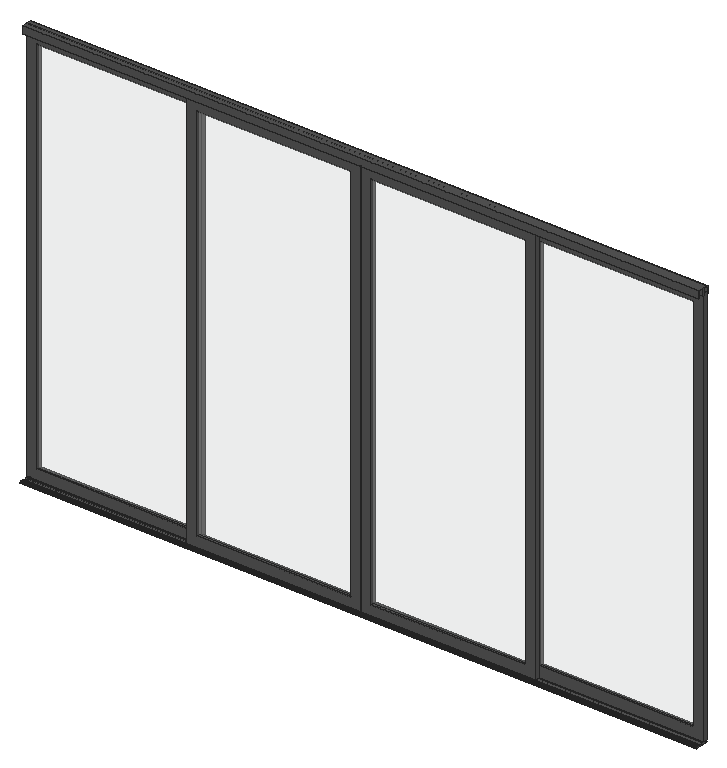
Revit family "Door_FTS RD_The Sliding Door Company_4-Panel Double Track (ABBA-Recessed Upper)", category Doors, host Wall, Revit 2019
Family settings
  Host = Wall
  OmniClass Number = 23.30.10.00
  OmniClass Title = Doors
  Always vertical = Yes
  Cut with Voids When Loaded = No
  Shared = No
  Room Calculation Point = No
Parameters (values of type "FTS Room Divider - 4 Panel 2 Track - ABBA")
  Upper Track Material [instance] = TSDC - Casing/Upper Track - Powder Coated Black
  URL = "https://www.slidingdoorco.com"
  Thickness = 1 1/4"  # constant formula
  Stile and Rail = 3"
  Rough Width = Finished Opening Width + 5/8" * 2  # 204 1/4"
  Rough Height = Finished Opening Height + 5/8"  # 120 1/2"
  Panel Width 3" Frame = Width / 4 + 1 1/2"  # 52"
  Panel Width 1 1/2" Frame = Width / 4 + 3/4"  # 51 1/4"
  Panel Height = Height - 2 1/4"  # 119 3/4"
  Order Height = Finished Opening Height + 2 1/8"  # 122"
  Opening Clearance 3" Frame = Width - [Panel Width 3" Frame] * 2  # 98"
  Opening Clearance 1 1/2" Frame = Width - [Panel Width 1 1/2" Frame] * 2  # 99 1/2"
  Open [instance] = no
  Model = "FTS Room Divider - Full Height System"  # constant formula
  Manufacturer = "The Sliding Door Company"  # constant formula
  Limitations = "Panel Width x System Height cannot exceed 7,400 square inches"  # constant formula
  Glass Thickness = "Available in: 5mm Tempered, 7mm,10mm,11mm Laminated Glass"  # constant formula
  Glass Material [instance] = TSDC - Glass - Clear
  Function = Interior
  Height = if(Order Height > 122", 122", Order Height)  # 122"
  Wall Closure = By host
  Width = if(Finished Opening Width > 202", 202", Finished Opening Width)  # 202"
  Fire Rating = "N/A"  # constant formula
  Finished Opening Width = 203"
  Finished Opening Height = 119 7/8"
  Door Casing Material [instance] = TSDC - Casing/Upper Track - Powder Coated Black
  Description = "4 Panel Bi-part System with Double Track (Recessed Upper)"  # constant formula
  Contact The Sliding Door Company = "https://www.slidingdoorco.com/contact"
  Construction Type = "Bi-part, Top Mounted, Recessed Upper, Ramped Bottom Track"  # constant formula
  Configuration = "ABBA Configuration"  # constant formula
  Closed [instance] = not(Open)  # yes
  Bottom Track Material [instance] = TSDC - Bottom Track - Powder Coated Black
  Analytic Construction = "<None>"
  3" Frame (No Support Dividers) = "Max. H=122 in., Max. W=202 in. (52 in. panel width)"  # constant formula
  1 1/2" Frame (No Support Dividers) = "Max. H=108 in., Max. W=190 in. (50 in. panel width)"  # constant formula
Reference planes (in)
  plane 1 "Center (Front/Back)": y = 0
  plane 2 "Center (Left/Right)": x = 0
  plane 3 "Top": z = 122
  plane 4 "Exterior": y = 3
  plane 5 "Interior": y = -3
  plane 6: x = -101
  plane 7: x = 101
  plane 8: z = 0.625
  plane 9 "2": z = 120.375
  plane 10 "Top": z = 96
  plane 11 "2": z = 94.375
  plane 12 "3": z = 95.25
  plane 13 "Top": z = 96
  plane 14 "2": z = 94.375
  plane 15 "3": z = 95.25
  plane 16 "Top": z = 80
  plane 17: x = -50
  plane 18: x = 50
  plane 19 "2": z = 78.375
  plane 20 "3": z = 79.25
  plane 21: x = -50.5
  plane 22: x = 50.5
  plane 23: x = -36.75
  plane 24: x = -38.25
  plane 25: x = 38.25
  plane 26: x = 36
  plane 27: z = 119.875
Forms (in)
  Extrusion 1, solid, material "TSDC - Casing/Upper Track - Powder Coated Black" <- "Upper Track Material"
    sketch origin (0, -0.1543, 0) x (0, 1, 0) y (0, 0, 1)
      loop
        line (1.74219, 122) -> (-1.43359, 122) -> (-1.43359, 119.875) -> (-1.375, 119.875) -> (-1.375, 121.94141) -> (0.125, 121.94141) -> (0.125, 119.875) -> (0.18359, 119.875) -> (0.18359, 121.94141) -> (1.68359, 121.94141) -> (1.68359, 119.875) -> (1.74219, 119.875) -> (1.74219, 122)
    from -101 to 101
  Extrusion 2, solid, material "TSDC - Casing/Upper Track - Powder Coated Black", not visible
    sketch origin (0, 0.8784, 0.00198) x (0, 1, 0) y (0, 0, 1)
      loop
        line (1.17662, -0.00198) -> (1.7466, -0.00198) -> (1.7466, 0.11422) -> (1.63872, 0.16601) -> (1.5898, 0.16) -> (1.58595, 0.19134) -> (1.49638, 0.23434) -> (1.44746, 0.22833) -> (1.44362, 0.25967) -> (1.35493, 0.30224) -> (1.30601, 0.29623) -> (1.30216, 0.32757) -> (1.21825, 0.36785)
        arc (1.21825, 0.36785) -> (1.19583, 0.37043) -> (1.17662, 0.35859) r 0.03449
        line (1.17662, 0.35859) -> (1.17662, 0.26961) -> (1.14379, 0.26961) -> (1.14379, 0.30227) -> (1.11271, 0.30227) -> (1.11271, 0.05752) -> (1.14379, 0.05752) -> (1.14379, 0.08934) -> (1.17662, 0.08934) -> (1.17662, -0.00198)
      loop
        line (1.6966, 0.05) -> (1.6966, 0.08276) -> (1.2346, 0.30454) -> (1.2346, 0.05) -> (1.6966, 0.05)
    from -50 to 50
  Extrusion 3, solid, material "TSDC - Casing/Upper Track - Powder Coated Black", not visible
    sketch origin (0, 0.8784, 0.00198) x (0, 1, 0) y (0, 0, 1)
      loop
        arc (1.17662, 0.34104) -> (1.17081, 0.35508) -> (1.15677, 0.36093) r 0.01985
        line (1.15677, 0.36093) -> (1.07541, 0.36093)
        arc (1.07541, 0.36093) -> (1.06136, 0.3551) -> (1.05556, 0.34103) r 0.01985
        line (1.05556, 0.34103) -> (1.05556, 0.20299) -> (0.9831, 0.20299) -> (0.9831, 0.28602)
        arc (0.9831, 0.28602) -> (0.87384, 0.39506) -> (0.76472, 0.28588) r 0.10919
        line (0.76472, 0.28588) -> (0.82428, 0.28588)
        arc (0.82428, 0.28588) -> (0.87397, 0.3355) -> (0.92354, 0.28575) r 0.04963
        line (0.92354, 0.28575) -> (0.92354, 0.14753) -> (1.05556, 0.10767) -> (1.05556, 0.05757) -> (0.38753, 0.05757) -> (0.38753, 0.36093) -> (-0.56932, 0.36093) -> (-0.56932, 0.20299) -> (-0.64178, 0.20299) -> (-0.64178, 0.28602)
        arc (-0.64178, 0.28602) -> (-0.75104, 0.39506) -> (-0.86016, 0.28588) r 0.10919
        line (-0.86016, 0.28588) -> (-0.8006, 0.28588)
        arc (-0.8006, 0.28588) -> (-0.75091, 0.3355) -> (-0.70134, 0.28575) r 0.04963
        line (-0.70134, 0.28575) -> (-0.70134, 0.14753) -> (-0.56932, 0.10767) -> (-0.56932, 0.05757) -> (-1.23735, 0.05757) -> (-1.23735, 0.36093) -> (-2.19421, 0.36093) -> (-2.19421, 0.20299) -> (-2.26667, 0.20299) -> (-2.26667, 0.28602)
        arc (-2.26667, 0.28602) -> (-2.37592, 0.39506) -> (-2.48504, 0.28588) r 0.10919
        line (-2.48504, 0.28588) -> (-2.42548, 0.28588)
        arc (-2.42548, 0.28588) -> (-2.37579, 0.3355) -> (-2.32622, 0.28575) r 0.04963
        line (-2.32622, 0.28575) -> (-2.32622, 0.14753) -> (-2.19421, 0.10767) -> (-2.19421, 0.05757) -> (-2.86223, 0.05757) -> (-2.86223, 0.34103)
        arc (-2.86223, 0.34103) -> (-2.86803, 0.3551) -> (-2.88208, 0.36093) r 0.01985
        line (-2.88208, 0.36093) -> (-2.96344, 0.36093)
        arc (-2.96344, 0.36093) -> (-2.97751, 0.35509) -> (-2.9833, 0.341) r 0.01985
        line (-2.9833, 0.341) -> (-2.9833, 0.26961) -> (-2.95059, 0.26961) -> (-2.95059, 0.30227) -> (-2.91939, 0.30227) -> (-2.91939, 0.05752) -> (-2.95046, 0.05752) -> (-2.95046, 0.08934) -> (-2.9833, 0.08934) -> (-2.9833, -0.00198) -> (-2.13705, -0.00198) -> (-2.10598, 0.05752) -> (-2.13705, 0.05752) -> (-2.13705, 0.30227) -> (-1.29451, 0.30227) -> (-1.29451, 0.05752) -> (-1.32558, 0.05752) -> (-1.29451, -0.00198) -> (-0.51217, -0.00198) -> (-0.4811, 0.05752) -> (-0.51217, 0.05752) -> (-0.51217, 0.30227) -> (0.33038, 0.30227) -> (0.33038, 0.05752) -> (0.2993, 0.05752) -> (0.33038, -0.00198) -> (1.17662, -0.00198) -> (1.17662, 0.08934) -> (1.14379, 0.08934) -> (1.14379, 0.05752) -> (1.11271, 0.05752) -> (1.11271, 0.30227) -> (1.14379, 0.30227) -> (1.14379, 0.26961) -> (1.17662, 0.26961) -> (1.17662, 0.34104)
    from -50 to 50
  Extrusion 4, solid, material "TSDC - Casing/Upper Track - Powder Coated Black", not visible
    sketch origin (0, -0.92827, 0.00198) x (0, -1, 0) y (0, 0, -1)
      loop
        line (1.17662, 0.00198) -> (1.17662, -0.08934) -> (1.14379, -0.08934) -> (1.14379, -0.05752) -> (1.11271, -0.05752) -> (1.11271, -0.30227) -> (1.14379, -0.30227) -> (1.14379, -0.26961) -> (1.17662, -0.26961) -> (1.17662, -0.35859)
        arc (1.17662, -0.35859) -> (1.19583, -0.37043) -> (1.21825, -0.36785) r 0.03449
        line (1.21825, -0.36785) -> (1.30216, -0.32757) -> (1.30601, -0.29623) -> (1.35493, -0.30224) -> (1.44362, -0.25967) -> (1.44746, -0.22833) -> (1.49638, -0.23434) -> (1.58595, -0.19134) -> (1.5898, -0.16) -> (1.63872, -0.16601) -> (1.7466, -0.11422) -> (1.7466, 0.00198) -> (1.17662, 0.00198)
      loop
        line (1.6966, -0.05) -> (1.2346, -0.05) -> (1.2346, -0.30454) -> (1.6966, -0.08276) -> (1.6966, -0.05)
    from -50 to 50
  Extrusion 5, solid, material "TSDC - Casing/Upper Track - Powder Coated Black", not visible
    sketch origin (0, 1.25781, 0) x (0, 1, 0) y (0, 0, 1)
      loop
        line (1.74219, 96) -> (-2.99219, 96) -> (-2.99219, 93.875) -> (-2.93359, 93.875) -> (-2.93359, 95.94141) -> (-1.43359, 95.94141) -> (-1.43359, 93.875) -> (-1.375, 93.875) -> (-1.375, 95.94141) -> (0.125, 95.94141) -> (0.125, 93.875) -> (0.18359, 93.875) -> (0.18359, 95.94141) -> (1.68359, 95.94141) -> (1.68359, 93.875) -> (1.74219, 93.875) -> (1.74219, 96)
    from -50 to 50
  Extrusion 6, solid, material "TSDC - Casing/Upper Track - Powder Coated Black", visible <- "Open", not visible
    sketch origin (-18.0008, 2.81641, 0) x (1, 0, 0) y (0, 0, 1)
      loop
        line (2.33413, 94.375) -> (-31.9992, 94.375) -> (-31.9992, 0.625) -> (2.33413, 0.625) -> (2.33413, 94.375)
      loop
        line (0.83413, 92.875) -> (-30.4992, 92.875) -> (-30.4992, 2.125) -> (0.83413, 2.125) -> (0.83413, 92.875)
    from 0 to 1.25
  Extrusion 7, solid, material "TSDC - Glass - Clear", visible <- "Open", not visible
    sketch origin (-18.0008, 2.31641, 0) x (1, 0, 0) y (0, 0, 1)
      loop
        line (0.83413, 92.875) -> (-30.4992, 92.875) -> (-30.4992, 2.125) -> (0.83413, 2.125) -> (0.83413, 92.875)
    from 0 to 0.25
  Extrusion 8, solid, material "TSDC - Casing/Upper Track - Powder Coated Black", visible <- "Open", not visible
    sketch origin (-44.66746, 1.25781, 0) x (1, 0, 0) y (0, 0, 1)
      loop
        line (29.0008, 94.375) -> (-5.33254, 94.375) -> (-5.33254, 0.625) -> (29.0008, 0.625) -> (29.0008, 94.375)
      loop
        line (27.5008, 92.875) -> (-3.83254, 92.875) -> (-3.83254, 2.125) -> (27.5008, 2.125) -> (27.5008, 92.875)
    from 0 to 1.25
  Extrusion 9, solid, material "TSDC - Glass - Clear", visible <- "Open", not visible
    sketch origin (-44.66746, 0.75781, 0) x (1, 0, 0) y (0, 0, 1)
      loop
        line (27.5008, 92.875) -> (-3.83254, 92.875) -> (-3.83254, 2.125) -> (27.5008, 2.125) -> (27.5008, 92.875)
    from 0 to 0.25
  Extrusion 10, solid, material "TSDC - Casing/Upper Track - Powder Coated Black", visible <- "Open", not visible
    sketch origin (-71.33413, -0.30078, 0) x (1, 0, 0) y (0, 0, 1)
      loop
        line (55.66746, 94.375) -> (21.33413, 94.375) -> (21.33413, 0.625) -> (55.66746, 0.625) -> (55.66746, 94.375)
      loop
        line (54.16746, 92.875) -> (22.83413, 92.875) -> (22.83413, 2.125) -> (54.16746, 2.125) -> (54.16746, 92.875)
    from 0 to 1.25
  Extrusion 11, solid, material "TSDC - Glass - Clear", visible <- "Open", not visible
    sketch origin (-71.33413, -0.80078, 0) x (1, 0, 0) y (0, 0, 1)
      loop
        line (54.16746, 92.875) -> (22.83413, 92.875) -> (22.83413, 2.125) -> (54.16746, 2.125) -> (54.16746, 92.875)
    from 0 to 0.25
  Extrusion 12, solid, material "TSDC - Casing/Upper Track - Powder Coated Black", visible <- "Closed", not visible
    sketch origin (-11.83413, 1.25781, 0) x (1, 0, 0) y (0, 0, 1)
      loop
        line (29.0008, 94.375) -> (-5.33254, 94.375) -> (-5.33254, 0.625) -> (29.0008, 0.625) -> (29.0008, 94.375)
      loop
        line (27.5008, 92.875) -> (-3.83254, 92.875) -> (-3.83254, 2.125) -> (27.5008, 2.125) -> (27.5008, 92.875)
    from 0 to 1.25
  Extrusion 13, solid, material "TSDC - Glass - Clear", visible <- "Closed", not visible
    sketch origin (-11.83413, 0.75781, 0) x (1, 0, 0) y (0, 0, 1)
      loop
        line (27.5008, 92.875) -> (-3.83254, 92.875) -> (-3.83254, 2.125) -> (27.5008, 2.125) -> (27.5008, 92.875)
    from 0 to 0.25
  Extrusion 14, solid, material "TSDC - Casing/Upper Track - Powder Coated Black", visible <- "Closed", not visible
    sketch origin (47.66587, 2.81641, 0) x (1, 0, 0) y (0, 0, 1)
      loop
        line (2.33413, 94.375) -> (-31.9992, 94.375) -> (-31.9992, 0.625) -> (2.33413, 0.625) -> (2.33413, 94.375)
      loop
        line (0.83413, 92.875) -> (-30.4992, 92.875) -> (-30.4992, 2.125) -> (0.83413, 2.125) -> (0.83413, 92.875)
    from 0 to 1.25
  Extrusion 15, solid, material "TSDC - Glass - Clear", visible <- "Closed", not visible
    sketch origin (47.66587, 2.31641, 0) x (1, 0, 0) y (0, 0, 1)
      loop
        line (0.83413, 92.875) -> (-30.4992, 92.875) -> (-30.4992, 2.125) -> (0.83413, 2.125) -> (0.83413, 92.875)
    from 0 to 0.25
  Extrusion 16, solid, material "TSDC - Casing/Upper Track - Powder Coated Black", visible <- "Closed", not visible
    sketch origin (-71.33413, -0.30078, 0) x (1, 0, 0) y (0, 0, 1)
      loop
        line (55.66746, 94.375) -> (21.33413, 94.375) -> (21.33413, 0.625) -> (55.66746, 0.625) -> (55.66746, 94.375)
      loop
        line (54.16746, 92.875) -> (22.83413, 92.875) -> (22.83413, 2.125) -> (54.16746, 2.125) -> (54.16746, 92.875)
    from 0 to 1.25
  Extrusion 17, solid, material "TSDC - Glass - Clear", visible <- "Closed", not visible
    sketch origin (-71.33413, -0.80078, 0) x (1, 0, 0) y (0, 0, 1)
      loop
        line (54.16746, 92.875) -> (22.83413, 92.875) -> (22.83413, 2.125) -> (54.16746, 2.125) -> (54.16746, 92.875)
    from 0 to 0.25
  Extrusion 18, solid, material "TSDC - Casing/Upper Track - Powder Coated Black", not visible
    sketch origin (0, 1.25781, 0) x (0, 1, 0) y (0, 0, 1)
      loop
        line (1.74219, 96) -> (-2.99219, 96) -> (-2.99219, 93.875) -> (-2.93359, 93.875) -> (-2.93359, 95.94141) -> (-1.43359, 95.94141) -> (-1.43359, 93.875) -> (-1.375, 93.875) -> (-1.375, 95.94141) -> (0.125, 95.94141) -> (0.125, 93.875) -> (0.18359, 93.875) -> (0.18359, 95.94141) -> (1.68359, 95.94141) -> (1.68359, 93.875) -> (1.74219, 93.875) -> (1.74219, 96)
    from -50 to 50
  Extrusion 19, solid, material "TSDC - Casing/Upper Track - Powder Coated Black", not visible
    sketch origin (0, 1.25781, 0) x (0, 1, 0) y (0, 0, 1)
      loop
        line (1.74219, 96) -> (-2.99219, 96) -> (-2.99219, 93.875) -> (-2.93359, 93.875) -> (-2.93359, 95.94141) -> (-1.43359, 95.94141) -> (-1.43359, 93.875) -> (-1.375, 93.875) -> (-1.375, 95.94141) -> (0.125, 95.94141) -> (0.125, 93.875) -> (0.18359, 93.875) -> (0.18359, 95.94141) -> (1.68359, 95.94141) -> (1.68359, 93.875) -> (1.74219, 93.875) -> (1.74219, 96)
    from -50 to 50
  Extrusion 20, solid, material "TSDC - Casing/Upper Track - Powder Coated Black", not visible
    sketch origin (0, 1.25781, 0) x (0, 1, 0) y (0, 0, 1)
      loop
        line (1.74219, 96) -> (-2.99219, 96) -> (-2.99219, 93.875) -> (-2.93359, 93.875) -> (-2.93359, 95.94141) -> (-1.43359, 95.94141) -> (-1.43359, 93.875) -> (-1.375, 93.875) -> (-1.375, 95.94141) -> (0.125, 95.94141) -> (0.125, 93.875) -> (0.18359, 93.875) -> (0.18359, 95.94141) -> (1.68359, 95.94141) -> (1.68359, 93.875) -> (1.74219, 93.875) -> (1.74219, 96)
    from -50 to 50
  Extrusion 21, solid, material "TSDC - Casing/Upper Track - Powder Coated Black", not visible
    sketch origin (0, 0.8784, 0.00198) x (0, 1, 0) y (0, 0, 1)
      loop
        line (1.17662, -0.00198) -> (1.7466, -0.00198) -> (1.7466, 0.11422) -> (1.63872, 0.16601) -> (1.5898, 0.16) -> (1.58595, 0.19134) -> (1.49638, 0.23434) -> (1.44746, 0.22833) -> (1.44362, 0.25967) -> (1.35493, 0.30224) -> (1.30601, 0.29623) -> (1.30216, 0.32757) -> (1.21825, 0.36785)
        arc (1.21825, 0.36785) -> (1.19583, 0.37043) -> (1.17662, 0.35859) r 0.03449
        line (1.17662, 0.35859) -> (1.17662, 0.26961) -> (1.14379, 0.26961) -> (1.14379, 0.30227) -> (1.11271, 0.30227) -> (1.11271, 0.05752) -> (1.14379, 0.05752) -> (1.14379, 0.08934) -> (1.17662, 0.08934) -> (1.17662, -0.00198)
      loop
        line (1.6966, 0.05) -> (1.6966, 0.08276) -> (1.2346, 0.30454) -> (1.2346, 0.05) -> (1.6966, 0.05)
    from -50 to 50
  Extrusion 22, solid, material "TSDC - Casing/Upper Track - Powder Coated Black", not visible
    sketch origin (0, 0.8784, 0.00198) x (0, 1, 0) y (0, 0, 1)
      loop
        arc (1.17662, 0.34104) -> (1.17081, 0.35508) -> (1.15677, 0.36093) r 0.01985
        line (1.15677, 0.36093) -> (1.07541, 0.36093)
        arc (1.07541, 0.36093) -> (1.06136, 0.3551) -> (1.05556, 0.34103) r 0.01985
        line (1.05556, 0.34103) -> (1.05556, 0.20299) -> (0.9831, 0.20299) -> (0.9831, 0.28602)
        arc (0.9831, 0.28602) -> (0.87384, 0.39506) -> (0.76472, 0.28588) r 0.10919
        line (0.76472, 0.28588) -> (0.82428, 0.28588)
        arc (0.82428, 0.28588) -> (0.87397, 0.3355) -> (0.92354, 0.28575) r 0.04963
        line (0.92354, 0.28575) -> (0.92354, 0.14753) -> (1.05556, 0.10767) -> (1.05556, 0.05757) -> (0.38753, 0.05757) -> (0.38753, 0.36093) -> (-0.56932, 0.36093) -> (-0.56932, 0.20299) -> (-0.64178, 0.20299) -> (-0.64178, 0.28602)
        arc (-0.64178, 0.28602) -> (-0.75104, 0.39506) -> (-0.86016, 0.28588) r 0.10919
        line (-0.86016, 0.28588) -> (-0.8006, 0.28588)
        arc (-0.8006, 0.28588) -> (-0.75091, 0.3355) -> (-0.70134, 0.28575) r 0.04963
        line (-0.70134, 0.28575) -> (-0.70134, 0.14753) -> (-0.56932, 0.10767) -> (-0.56932, 0.05757) -> (-1.23735, 0.05757) -> (-1.23735, 0.36093) -> (-2.19421, 0.36093) -> (-2.19421, 0.20299) -> (-2.26667, 0.20299) -> (-2.26667, 0.28602)
        arc (-2.26667, 0.28602) -> (-2.37592, 0.39506) -> (-2.48504, 0.28588) r 0.10919
        line (-2.48504, 0.28588) -> (-2.42548, 0.28588)
        arc (-2.42548, 0.28588) -> (-2.37579, 0.3355) -> (-2.32622, 0.28575) r 0.04963
        line (-2.32622, 0.28575) -> (-2.32622, 0.14753) -> (-2.19421, 0.10767) -> (-2.19421, 0.05757) -> (-2.86223, 0.05757) -> (-2.86223, 0.34103)
        arc (-2.86223, 0.34103) -> (-2.86803, 0.3551) -> (-2.88208, 0.36093) r 0.01985
        line (-2.88208, 0.36093) -> (-2.96344, 0.36093)
        arc (-2.96344, 0.36093) -> (-2.97751, 0.35509) -> (-2.9833, 0.341) r 0.01985
        line (-2.9833, 0.341) -> (-2.9833, 0.26961) -> (-2.95059, 0.26961) -> (-2.95059, 0.30227) -> (-2.91939, 0.30227) -> (-2.91939, 0.05752) -> (-2.95046, 0.05752) -> (-2.95046, 0.08934) -> (-2.9833, 0.08934) -> (-2.9833, -0.00198) -> (-2.13705, -0.00198) -> (-2.10598, 0.05752) -> (-2.13705, 0.05752) -> (-2.13705, 0.30227) -> (-1.29451, 0.30227) -> (-1.29451, 0.05752) -> (-1.32558, 0.05752) -> (-1.29451, -0.00198) -> (-0.51217, -0.00198) -> (-0.4811, 0.05752) -> (-0.51217, 0.05752) -> (-0.51217, 0.30227) -> (0.33038, 0.30227) -> (0.33038, 0.05752) -> (0.2993, 0.05752) -> (0.33038, -0.00198) -> (1.17662, -0.00198) -> (1.17662, 0.08934) -> (1.14379, 0.08934) -> (1.14379, 0.05752) -> (1.11271, 0.05752) -> (1.11271, 0.30227) -> (1.14379, 0.30227) -> (1.14379, 0.26961) -> (1.17662, 0.26961) -> (1.17662, 0.34104)
    from -50 to 50
  Extrusion 23, solid, material "TSDC - Casing/Upper Track - Powder Coated Black", not visible
    sketch origin (0, -0.92827, 0.00198) x (0, -1, 0) y (0, 0, -1)
      loop
        line (1.17662, 0.00198) -> (1.17662, -0.08934) -> (1.14379, -0.08934) -> (1.14379, -0.05752) -> (1.11271, -0.05752) -> (1.11271, -0.30227) -> (1.14379, -0.30227) -> (1.14379, -0.26961) -> (1.17662, -0.26961) -> (1.17662, -0.35859)
        arc (1.17662, -0.35859) -> (1.19583, -0.37043) -> (1.21825, -0.36785) r 0.03449
        line (1.21825, -0.36785) -> (1.30216, -0.32757) -> (1.30601, -0.29623) -> (1.35493, -0.30224) -> (1.44362, -0.25967) -> (1.44746, -0.22833) -> (1.49638, -0.23434) -> (1.58595, -0.19134) -> (1.5898, -0.16) -> (1.63872, -0.16601) -> (1.7466, -0.11422) -> (1.7466, 0.00198) -> (1.17662, 0.00198)
      loop
        line (1.6966, -0.05) -> (1.2346, -0.05) -> (1.2346, -0.30454) -> (1.6966, -0.08276) -> (1.6966, -0.05)
    from -50 to 50
  Extrusion 24, solid, material "TSDC - Casing/Upper Track - Powder Coated Black", not visible
    sketch origin (0, 1.25781, -16) x (0, 1, 0) y (0, 0, 1)
      loop
        line (1.74219, 96) -> (-2.99219, 96) -> (-2.99219, 93.875) -> (-2.93359, 93.875) -> (-2.93359, 95.94141) -> (-1.43359, 95.94141) -> (-1.43359, 93.875) -> (-1.375, 93.875) -> (-1.375, 95.94141) -> (0.125, 95.94141) -> (0.125, 93.875) -> (0.18359, 93.875) -> (0.18359, 95.94141) -> (1.68359, 95.94141) -> (1.68359, 93.875) -> (1.74219, 93.875) -> (1.74219, 96)
    from -50 to 50
  Extrusion 25, solid, material "TSDC - Casing/Upper Track - Powder Coated Black" <- "Door Casing Material", visible <- "Closed"
    sketch origin (-47.66587, -0.1543, 0) x (-1, 0, 0) y (0, 0, -1)
      loop
        line (4.33413, -120.375) -> (4.33413, -0.625) -> (-47.66587, -0.625) -> (-47.66587, -120.375) -> (4.33413, -120.375)
      loop
        line (1.33413, -117.375) -> (1.33413, -3.625) -> (-44.66587, -3.625) -> (-44.66587, -117.375) -> (1.33413, -117.375)
    from 0 to 1.25
  Extrusion 26, solid, material "TSDC - Glass - Clear" <- "Glass Material", visible <- "Closed"
    sketch origin (-47.66587, -0.6543, 0) x (-1, 0, 0) y (0, 0, -1)
      loop
        line (1.33413, -117.375) -> (1.33413, -3.625) -> (-44.66587, -3.625) -> (-44.66587, -117.375) -> (1.33413, -117.375)
    from 0 to 0.25
  Extrusion 27, solid, material "TSDC - Casing/Upper Track - Powder Coated Black" <- "Door Casing Material", visible <- "Closed"
    sketch origin (-83.66587, 1.4043, 0) x (-1, 0, 0) y (0, 0, -1)
      loop
        line (17.33413, -120.375) -> (17.33413, -0.625) -> (-34.66587, -0.625) -> (-34.66587, -120.375) -> (17.33413, -120.375)
      loop
        line (14.33413, -117.375) -> (14.33413, -3.625) -> (-31.66587, -3.625) -> (-31.66587, -117.375) -> (14.33413, -117.375)
    from 0 to 1.25
  Extrusion 28, solid, material "TSDC - Glass - Clear" <- "Glass Material", visible <- "Closed"
    sketch origin (-83.66587, 0.9043, 0) x (-1, 0, 0) y (0, 0, -1)
      loop
        line (14.33413, -117.375) -> (14.33413, -3.625) -> (-31.66587, -3.625) -> (-31.66587, -117.375) -> (14.33413, -117.375)
    from 0 to 0.25
  Extrusion 29, solid, material "TSDC - Casing/Upper Track - Powder Coated Black" <- "Door Casing Material", visible <- "Closed"
    sketch origin (47.66587, -0.1543, 0) x (1, 0, 0) y (0, 0, 1)
      loop
        line (4.33413, 120.375) -> (-47.66587, 120.375) -> (-47.66587, 0.625) -> (4.33413, 0.625) -> (4.33413, 120.375)
      loop
        line (1.33413, 117.375) -> (-44.66587, 117.375) -> (-44.66587, 3.625) -> (1.33413, 3.625) -> (1.33413, 117.375)
    from 0 to 1.25
  Extrusion 30, solid, material "TSDC - Glass - Clear" <- "Glass Material", visible <- "Closed"
    sketch origin (47.66587, -0.6543, 0) x (1, 0, 0) y (0, 0, 1)
      loop
        line (1.33413, 117.375) -> (-44.66587, 117.375) -> (-44.66587, 3.625) -> (1.33413, 3.625) -> (1.33413, 117.375)
    from 0 to 0.25
  Extrusion 31, solid, material "TSDC - Casing/Upper Track - Powder Coated Black" <- "Door Casing Material", visible <- "Closed"
    sketch origin (83.66587, 1.4043, 0) x (1, 0, 0) y (0, 0, 1)
      loop
        line (17.33413, 120.375) -> (-34.66587, 120.375) -> (-34.66587, 0.625) -> (17.33413, 0.625) -> (17.33413, 120.375)
      loop
        line (14.33413, 117.375) -> (-31.66587, 117.375) -> (-31.66587, 3.625) -> (14.33413, 3.625) -> (14.33413, 117.375)
    from 0 to 1.25
  Extrusion 32, solid, material "TSDC - Glass - Clear" <- "Glass Material", visible <- "Closed"
    sketch origin (83.66587, 0.9043, 0) x (1, 0, 0) y (0, 0, 1)
      loop
        line (14.33413, 117.375) -> (-31.66587, 117.375) -> (-31.66587, 3.625) -> (14.33413, 3.625) -> (14.33413, 117.375)
    from 0 to 0.25
  Extrusion 33, solid, material "TSDC - Casing/Upper Track - Powder Coated Black" <- "Door Casing Material", visible <- "Open"
    sketch origin (-83.66587, 1.4043, 0) x (-1, 0, 0) y (0, 0, -1)
      loop
        line (17.33413, -120.375) -> (17.33413, -0.625) -> (-34.66587, -0.625) -> (-34.66587, -120.375) -> (17.33413, -120.375)
      loop
        line (14.33413, -117.375) -> (14.33413, -3.625) -> (-31.66587, -3.625) -> (-31.66587, -117.375) -> (14.33413, -117.375)
    from 0 to 1.25
  Extrusion 34, solid, material "TSDC - Glass - Clear" <- "Glass Material", visible <- "Open"
    sketch origin (-83.66587, 0.9043, 0) x (-1, 0, 0) y (0, 0, -1)
      loop
        line (14.33413, -117.375) -> (14.33413, -3.625) -> (-31.66587, -3.625) -> (-31.66587, -117.375) -> (14.33413, -117.375)
    from 0 to 0.25
  Extrusion 35, solid, material "TSDC - Casing/Upper Track - Powder Coated Black" <- "Door Casing Material", visible <- "Open"
    sketch origin (-83.66587, -0.1543, 0) x (-1, 0, 0) y (0, 0, -1)
      loop
        line (17.33413, -120.375) -> (17.33413, -0.625) -> (-34.66587, -0.625) -> (-34.66587, -120.375) -> (17.33413, -120.375)
      loop
        line (14.33413, -117.375) -> (14.33413, -3.625) -> (-31.66587, -3.625) -> (-31.66587, -117.375) -> (14.33413, -117.375)
    from 0 to 1.25
  Extrusion 36, solid, material "TSDC - Glass - Clear" <- "Glass Material", visible <- "Open"
    sketch origin (-83.66587, -0.6543, 0) x (-1, 0, 0) y (0, 0, -1)
      loop
        line (14.33413, -117.375) -> (14.33413, -3.625) -> (-31.66587, -3.625) -> (-31.66587, -117.375) -> (14.33413, -117.375)
    from 0 to 0.25
  Extrusion 37, solid, material "TSDC - Casing/Upper Track - Powder Coated Black" <- "Door Casing Material", visible <- "Open"
    sketch origin (83.66587, -0.1543, 0) x (1, 0, 0) y (0, 0, 1)
      loop
        line (17.33413, 120.375) -> (-34.66587, 120.375) -> (-34.66587, 0.625) -> (17.33413, 0.625) -> (17.33413, 120.375)
      loop
        line (14.33413, 117.375) -> (-31.66587, 117.375) -> (-31.66587, 3.625) -> (14.33413, 3.625) -> (14.33413, 117.375)
    from 0 to 1.25
  Extrusion 38, solid, material "TSDC - Glass - Clear" <- "Glass Material", visible <- "Open"
    sketch origin (83.66587, -0.6543, 0) x (1, 0, 0) y (0, 0, 1)
      loop
        line (14.33413, 117.375) -> (-31.66587, 117.375) -> (-31.66587, 3.625) -> (14.33413, 3.625) -> (14.33413, 117.375)
    from 0 to 0.25
  Extrusion 39, solid, material "TSDC - Casing/Upper Track - Powder Coated Black" <- "Door Casing Material", visible <- "Open"
    sketch origin (83.66587, 1.4043, 0) x (1, 0, 0) y (0, 0, 1)
      loop
        line (17.33413, 120.375) -> (-34.66587, 120.375) -> (-34.66587, 0.625) -> (17.33413, 0.625) -> (17.33413, 120.375)
      loop
        line (14.33413, 117.375) -> (-31.66587, 117.375) -> (-31.66587, 3.625) -> (14.33413, 3.625) -> (14.33413, 117.375)
    from 0 to 1.25
  Extrusion 40, solid, material "TSDC - Glass - Clear" <- "Glass Material", visible <- "Open"
    sketch origin (83.66587, 0.9043, 0) x (1, 0, 0) y (0, 0, 1)
      loop
        line (14.33413, 117.375) -> (-31.66587, 117.375) -> (-31.66587, 3.625) -> (14.33413, 3.625) -> (14.33413, 117.375)
    from 0 to 0.25
  Extrusion 41, solid, material "TSDC - Bottom Track - Powder Coated Black" <- "Bottom Track Material"
    sketch origin (0, 2.46629, 0.00198) x (0, 1, 0) y (0, 0, 1)
      loop
        line (-1.82338, 0.26961) -> (-1.82338, 0.34104)
        arc (-1.82338, 0.34104) -> (-1.82919, 0.35508) -> (-1.84323, 0.36089) r 0.01985
        line (-1.84323, 0.36089) -> (-1.92459, 0.36093)
        arc (-1.92459, 0.36093) -> (-1.93864, 0.3551) -> (-1.94444, 0.34103) r 0.01985
        line (-1.94444, 0.34103) -> (-1.94444, 0.20299) -> (-2.0169, 0.20299) -> (-2.0169, 0.28602)
        arc (-2.0169, 0.28602) -> (-2.12616, 0.39506) -> (-2.23528, 0.28588) r 0.10919
        line (-2.23528, 0.28588) -> (-2.17572, 0.28588)
        arc (-2.17572, 0.28588) -> (-2.12603, 0.3355) -> (-2.07646, 0.28575) r 0.04963
        line (-2.07646, 0.28575) -> (-2.07646, 0.14753) -> (-1.94444, 0.10767) -> (-1.94444, 0.05757) -> (-2.61247, 0.05757) -> (-2.61247, 0.36093) -> (-3.56932, 0.36093) -> (-3.56932, 0.20299) -> (-3.64178, 0.20299) -> (-3.64178, 0.28602)
        arc (-3.64178, 0.28602) -> (-3.75104, 0.39506) -> (-3.86016, 0.28588) r 0.10919
        line (-3.86016, 0.28588) -> (-3.8006, 0.28588)
        arc (-3.8006, 0.28588) -> (-3.75091, 0.3355) -> (-3.70134, 0.28575) r 0.04963
        line (-3.70134, 0.28575) -> (-3.70134, 0.14753) -> (-3.56932, 0.10767) -> (-3.56932, 0.05757) -> (-4.23735, 0.05757) -> (-4.23735, 0.34103)
        arc (-4.23735, 0.34103) -> (-4.24315, 0.3551) -> (-4.2572, 0.36093) r 0.01985
        line (-4.2572, 0.36093) -> (-4.33856, 0.36093)
        arc (-4.33856, 0.36093) -> (-4.35263, 0.35509) -> (-4.35841, 0.341) r 0.01985
        line (-4.35841, 0.341) -> (-4.35841, 0.26961) -> (-4.32571, 0.26961) -> (-4.32571, 0.30227) -> (-4.29451, 0.30227) -> (-4.29451, 0.05752) -> (-4.32558, 0.05752) -> (-4.32558, 0.08934) -> (-4.35841, 0.08934) -> (-4.35841, -0.00198) -> (-3.51217, -0.00198) -> (-3.4811, 0.05752) -> (-3.51217, 0.05752) -> (-3.51217, 0.30227) -> (-2.66962, 0.30227) -> (-2.66962, 0.05752) -> (-2.7007, 0.05752) -> (-2.66962, -0.00198) -> (-1.82338, -0.00198) -> (-1.82338, 0.08934) -> (-1.85621, 0.08934) -> (-1.85621, 0.05752) -> (-1.88729, 0.05752) -> (-1.88729, 0.30227) -> (-1.85621, 0.30227) -> (-1.85621, 0.26961) -> (-1.82338, 0.26961)
    from -101 to 101
  Extrusion 42, solid, material "TSDC - Bottom Track - Powder Coated Black" <- "Bottom Track Material"
    sketch origin (0, -0.7155, 0.00198) x (0, -1, 0) y (0, 0, -1)
      loop
        line (1.11271, -0.05752) -> (1.11271, -0.30227) -> (1.14379, -0.30227) -> (1.14379, -0.26961) -> (1.17662, -0.26961) -> (1.17662, -0.35859)
        arc (1.17662, -0.35859) -> (1.19583, -0.37043) -> (1.21825, -0.36785) r 0.03449
        line (1.21825, -0.36785) -> (1.30216, -0.32757) -> (1.30601, -0.29623) -> (1.35493, -0.30224) -> (1.44362, -0.25967) -> (1.44746, -0.22833) -> (1.49638, -0.23434) -> (1.58595, -0.19134) -> (1.5898, -0.16) -> (1.63872, -0.16601) -> (1.7466, -0.11422) -> (1.7466, 0.00198) -> (1.17662, 0.00198) -> (1.17662, -0.08934) -> (1.14379, -0.08934) -> (1.14379, -0.05752) -> (1.11271, -0.05752)
      loop
        line (1.2346, -0.30454) -> (1.6966, -0.08276) -> (1.6966, -0.05) -> (1.2346, -0.05) -> (1.2346, -0.30454)
    from -101 to 101
  Extrusion 43, solid, material "TSDC - Bottom Track - Powder Coated Black" <- "Bottom Track Material"
    sketch origin (0, -0.53371, 0.00198) x (0, 1, 0) y (0, 0, 1)
      loop
        line (1.11271, 0.05752) -> (1.14379, 0.05752) -> (1.14379, 0.08934) -> (1.17662, 0.08934) -> (1.17662, -0.00198) -> (1.7466, -0.00198) -> (1.7466, 0.11422) -> (1.63872, 0.16601) -> (1.5898, 0.16) -> (1.58595, 0.19134) -> (1.49638, 0.23434) -> (1.44746, 0.22833) -> (1.44362, 0.25967) -> (1.35493, 0.30224) -> (1.30601, 0.29623) -> (1.30216, 0.32757) -> (1.21825, 0.36785)
        arc (1.21825, 0.36785) -> (1.19583, 0.37043) -> (1.17662, 0.35859) r 0.03449
        line (1.17662, 0.35859) -> (1.17662, 0.26961) -> (1.14379, 0.26961) -> (1.14379, 0.30227) -> (1.11271, 0.30227) -> (1.11271, 0.05752)
      loop
        line (1.2346, 0.30454) -> (1.2346, 0.05) -> (1.6966, 0.05) -> (1.6966, 0.08276) -> (1.2346, 0.30454)
    from -101 to 101
Lines and regions (in)
  Opening 1
    outline origin (-60, -3, 0) x (1, 0, 0) y (0, 0, 1)
      loop
        line (161, 0) -> (161, 119.875) -> (-41, 119.875) -> (-41, 0) -> (161, 0)
Text (in)
  text "Exterior" at (-165.54235, 27.31104, 0), in view "Ref. Level"
  text "Interior" at (-165.54235, -25.14366, 0), in view "Ref. Level"
  text "Exterior" at (0, 40.15149, 123.01588), in view "Right"
  text "Interior" at (0, -64.39139, 123.01588), in view "Right"
  text "Interior" at (0, -31.01599, 123.00693), in view "Left"
  text "Exterior" at (0, 54.57065, 123.00693), in view "Left"
Dimensions and locks (in)
  locked: plane 9 "2" to plane 3 "Top" at 1.625
  "Height": level to plane 3 "Top"
  "Width": plane 6 to plane 7
  "Stile and Rail": Extrusion 25 to Extrusion 25  (x5)
  equal spacing: plane 6, plane 21, plane 2 "Center (Left/Right)", plane 22, plane 7
  "Stile and Rail": Extrusion 27 to Extrusion 27  (x4)
  equal spacing: Extrusion 27, plane 21, Extrusion 27
  equal spacing: Extrusion 25, plane 21, Extrusion 25
  plane 6 to Extrusion 27 = 52"
  Extrusion 25 to Extrusion 25 = 52"
  "Stile and Rail": Extrusion 29 to Extrusion 29  (x5)
  "Stile and Rail": Extrusion 31 to Extrusion 31  (x4)
  plane 2 "Center (Left/Right)" to Extrusion 29 = 52"
  Extrusion 31 to Extrusion 31 = 52"
  equal spacing: Extrusion 31, plane 22, Extrusion 31
  equal spacing: Extrusion 29, plane 22, Extrusion 29
  "Stile and Rail": Extrusion 33 to Extrusion 33  (x4)
  "Stile and Rail": Extrusion 35 to Extrusion 35  (x4)
  "Stile and Rail": Extrusion 37 to Extrusion 37  (x5)
  "Stile and Rail": Extrusion 39 to Extrusion 39  (x2)
  Extrusion 1 to Extrusion 1 to Extrusion 1 to host wall to Extrusion 1 to Extrusion 1 to Extrusion 1 = 15/256" locked, 1 1/2" locked, 0.0293" locked, 0.0293" locked, 1 1/2" locked, 15/256" locked
  Extrusion 43 to Extrusion 43 to host wall to Extrusion 42 to Extrusion 42 = 0.56997" locked, 0.64292" locked, 1.89212" locked, 0.56997" locked
  locked: plane 27 to plane 3 "Top" at 2.125
  aligned and locked: plane 4 "Exterior" to host wall
  aligned and locked: host wall to plane 5 "Interior"
  aligned and locked: Extrusion 1 to plane 6
  aligned and locked: plane 7 to Extrusion 1
  aligned and locked: Opening 1 sketch curve to Extrusion 1
  aligned and locked: Extrusion 25 to Extrusion 26  (x4)
  aligned and locked: Extrusion 27 to Extrusion 28  (x4)
  aligned and locked: Extrusion 30 to Extrusion 29  (x4)
  aligned and locked: Extrusion 32 to Extrusion 31  (x4)
  aligned and locked: Extrusion 33 to Extrusion 34  (x4)
  aligned and locked: Extrusion 25 to Extrusion 33
  aligned and locked: Extrusion 35 to Extrusion 36  (x4)
  aligned and locked: Extrusion 35 to Extrusion 25
  aligned and locked: Extrusion 38 to Extrusion 37  (x4)
  aligned and locked: Extrusion 37 to Extrusion 29
  aligned and locked: Extrusion 40 to Extrusion 39  (x4)
  aligned and locked: Extrusion 39 to Extrusion 37
  aligned and locked: host wall to Extrusion 41  (x2)
  aligned and locked: Extrusion 41 to plane 6
  aligned and locked: Extrusion 41 sketch curve to Extrusion 43
  aligned and locked: Extrusion 41 sketch curve to Extrusion 42
  aligned and locked: plane 27 to Opening 1 sketch curve
Automatic sketch dimensions
  Extrusion 2 sketch curve to Extrusion 2 sketch curve = 0.03107"  (x2)
  Extrusion 2 sketch curve to Extrusion 2 sketch curve = 0.03284"  (x2)
  Extrusion 2 sketch curve to Extrusion 2 sketch curve = 0.0267"
  Extrusion 2 sketch curve to Extrusion 2 sketch curve = 0.01493"
  Extrusion 2 sketch curve to Extrusion 2 sketch curve = 0.05797"
  Extrusion 2 sketch curve to Extrusion 2 sketch curve = 0.06757"
  Extrusion 2 sketch curve to Extrusion 2 sketch curve = 0.00385"  (x3)
  Extrusion 2 sketch curve to Extrusion 2 sketch curve = 0.04892"  (x3)
  Extrusion 2 sketch curve to Extrusion 2 sketch curve = 0.08869"
  Extrusion 2 sketch curve to Extrusion 2 sketch curve = 0.08957"
  Extrusion 2 sketch curve to Extrusion 2 sketch curve = 0.05788"
  Extrusion 2 sketch curve to Extrusion 2 sketch curve = 0.05"
  Extrusion 2 sketch curve to Extrusion 2 sketch curve = 0.03276"
  Extrusion 2 sketch curve to Extrusion 2 sketch curve = 0.03182"
  Extrusion 2 sketch curve to Extrusion 2 sketch curve = 0.03146"
  Extrusion 2 sketch curve to Extrusion 2 sketch curve = 0.00601"  (x3)
  Extrusion 2 sketch curve to Extrusion 2 sketch curve = 0.09824"
  Extrusion 2 sketch curve to Extrusion 2 sketch curve = 0.03266"
  Extrusion 2 sketch curve to Extrusion 2 sketch curve = 0.06331"
  Extrusion 2 sketch curve to Extrusion 2 sketch curve = 0.03109"
  Extrusion 3 sketch curve to Extrusion 3 sketch curve = 0"  (x25)
  Extrusion 3 sketch curve to Extrusion 3 sketch curve = 0.01985"  (x3)
  Extrusion 3 sketch curve to Extrusion 3 sketch curve = 0.03271"
  Extrusion 3 sketch curve to Extrusion 3 sketch curve = 0.03284"  (x3)
  Extrusion 3 sketch curve to Extrusion 3 sketch curve = 0.03107"  (x9)
  Extrusion 3 sketch curve to Extrusion 3 sketch curve = 0.0373"
  Extrusion 3 sketch curve to Extrusion 3 sketch curve = 0.37719"  (x3)
  Extrusion 3 sketch curve to Extrusion 3 sketch curve = 0.05956"  (x6)
  Extrusion 3 sketch curve to Extrusion 3 sketch curve = 0.04963"  (x6)
  Extrusion 3 sketch curve to Extrusion 3 sketch curve = 0.07246"  (x4)
  Extrusion 3 sketch curve to Extrusion 3 sketch curve = 0.05716"  (x5)
  Extrusion 3 sketch curve to Extrusion 3 sketch curve = 0.7804"  (x2)
  Extrusion 3 sketch curve to Extrusion 3 sketch curve = 0.01299"
  Extrusion 3 sketch curve to Extrusion 3 sketch curve = 0.00005"  (x5)
  Extrusion 3 sketch curve to Extrusion 3 sketch curve = 0.03182"  (x2)
  Extrusion 3 sketch curve to Extrusion 3 sketch curve = 0.0501"  (x3)
  Extrusion 3 sketch curve to Extrusion 3 sketch curve = 0.03986"  (x2)
  Extrusion 3 sketch curve to Extrusion 3 sketch curve = 0.09532"  (x2)
  Extrusion 3 sketch curve to Extrusion 3 sketch curve = 0.05547"  (x2)
  Extrusion 3 sketch curve to Extrusion 3 sketch curve = 0.06662"
  Extrusion 3 sketch curve to Extrusion 3 sketch curve = 0.08276"  (x3)
  Extrusion 3 sketch curve to Extrusion 3 sketch curve = 0.00012"  (x3)
  Extrusion 3 sketch curve to Extrusion 3 sketch curve = 0.03266"  (x2)
  Extrusion 3 sketch curve to Extrusion 3 sketch curve = 0.24475"
  Extrusion 3 sketch curve to Extrusion 3 sketch curve = 0.09928"
  Extrusion 3 sketch curve to Extrusion 3 sketch curve = 0.03873"
  Extrusion 3 sketch curve to Extrusion 3 sketch curve = 0.03876"  (x2)
  Extrusion 3 sketch curve to Extrusion 3 sketch curve = 0.03877"
  Extrusion 3 sketch curve to Extrusion 3 sketch curve = 0.00007"
  Extrusion 3 sketch curve to Extrusion 3 sketch curve = 0.05866"  (x2)
  Extrusion 4 sketch curve to Extrusion 4 sketch curve = 0.03107"  (x2)
  Extrusion 4 sketch curve to Extrusion 4 sketch curve = 0.03284"  (x2)
  Extrusion 4 sketch curve to Extrusion 4 sketch curve = 0.0267"
  Extrusion 4 sketch curve to Extrusion 4 sketch curve = 0.01493"
  Extrusion 4 sketch curve to Extrusion 4 sketch curve = 0.05797"
  Extrusion 4 sketch curve to Extrusion 4 sketch curve = 0.06757"
  Extrusion 4 sketch curve to Extrusion 4 sketch curve = 0.00385"  (x3)
  Extrusion 4 sketch curve to Extrusion 4 sketch curve = 0.04892"  (x3)
  Extrusion 4 sketch curve to Extrusion 4 sketch curve = 0.08869"
  Extrusion 4 sketch curve to Extrusion 4 sketch curve = 0.08957"
  Extrusion 4 sketch curve to Extrusion 4 sketch curve = 0.05788"
  Extrusion 4 sketch curve to Extrusion 4 sketch curve = 0.05"
  Extrusion 4 sketch curve to Extrusion 4 sketch curve = 0.00926"
  Extrusion 4 sketch curve to Extrusion 4 sketch curve = 0.03134"  (x3)
  Extrusion 4 sketch curve to Extrusion 4 sketch curve = 0.03222"
  Extrusion 4 sketch curve to Extrusion 4 sketch curve = 0.05632"
  Extrusion 4 sketch curve to Extrusion 4 sketch curve = 0.03266"
  Extrusion 4 sketch curve to Extrusion 4 sketch curve = 0.06422"
  Extrusion 4 sketch curve to Extrusion 4 sketch curve = 0.03182"
  Extrusion 4 sketch curve to Extrusion 4 sketch curve = 0.03276"
  Extrusion 2 sketch curve to Extrusion 2 sketch curve = 0.05198"
  Extrusion 2 sketch curve to Extrusion 2 sketch curve = 0.05951"
  Extrusion 2 sketch curve to Extrusion 2 sketch curve = 0.07724"
  Extrusion 2 sketch curve to Extrusion 2 sketch curve = 0.03699"
  Extrusion 2 sketch curve to Extrusion 2 sketch curve = 0.18027"
  Extrusion 2 sketch curve to Extrusion 2 sketch curve = 0.00831"
  Extrusion 3 sketch curve to Extrusion 3 sketch curve = 0.05951"  (x6)
  Extrusion 3 sketch curve to Extrusion 3 sketch curve = 0.18027"
  Extrusion 4 sketch curve to Extrusion 4 sketch curve = 0.02303"
  Extrusion 4 sketch curve to Extrusion 4 sketch curve = 0.04257"
  Extrusion 4 sketch curve to Extrusion 4 sketch curve = 0.043"
  Extrusion 4 sketch curve to Extrusion 4 sketch curve = 0.05179"
  Extrusion 4 sketch curve to Extrusion 4 sketch curve = 0.03934"
  Extrusion 4 sketch curve to Extrusion 4 sketch curve = 0.05198"
  Extrusion 5 sketch curve to Extrusion 5 sketch curve = 15/256"  (x5)
  Extrusion 5 sketch curve to Extrusion 5 sketch curve = 0"  (x5)
  Extrusion 5 sketch curve to Extrusion 5 sketch curve = 1 1/2"  (x3)
  Extrusion 5 sketch curve to Extrusion 5 sketch curve = 2 17/256"
  Extrusion 6 sketch curve to Extrusion 6 sketch curve = 1 1/2"  (x4)
  Extrusion 6 sketch curve to Extrusion 6 sketch curve = 31.33333"
  Extrusion 6 sketch curve to Extrusion 6 sketch curve = 90 3/4"
  Extrusion 7 sketch curve to Extrusion 7 sketch curve = 31.33333"
  Extrusion 7 sketch curve to Extrusion 7 sketch curve = 90 3/4"
  Extrusion 8 sketch curve to Extrusion 8 sketch curve = 1 1/2"  (x4)
  Extrusion 8 sketch curve to Extrusion 8 sketch curve = 31.33333"
  Extrusion 8 sketch curve to Extrusion 8 sketch curve = 90 3/4"
  Extrusion 9 sketch curve to Extrusion 9 sketch curve = 31.33333"
  Extrusion 9 sketch curve to Extrusion 9 sketch curve = 90 3/4"
  Extrusion 10 sketch curve to Extrusion 10 sketch curve = 1 1/2"  (x4)
  Extrusion 10 sketch curve to Extrusion 10 sketch curve = 31.33333"
  Extrusion 10 sketch curve to Extrusion 10 sketch curve = 90 3/4"
  Extrusion 11 sketch curve to Extrusion 11 sketch curve = 31.33333"
  Extrusion 11 sketch curve to Extrusion 11 sketch curve = 90 3/4"
  Extrusion 12 sketch curve to Extrusion 12 sketch curve = 1 1/2"  (x4)
  Extrusion 12 sketch curve to Extrusion 12 sketch curve = 31.33333"
  Extrusion 12 sketch curve to Extrusion 12 sketch curve = 90 3/4"
  Extrusion 13 sketch curve to Extrusion 13 sketch curve = 31.33333"
  Extrusion 13 sketch curve to Extrusion 13 sketch curve = 90 3/4"
  Extrusion 14 sketch curve to Extrusion 14 sketch curve = 1 1/2"  (x4)
  Extrusion 14 sketch curve to Extrusion 14 sketch curve = 31.33333"
  Extrusion 14 sketch curve to Extrusion 14 sketch curve = 90 3/4"
  Extrusion 15 sketch curve to Extrusion 15 sketch curve = 31.33333"
  Extrusion 15 sketch curve to Extrusion 15 sketch curve = 90 3/4"
  Extrusion 16 sketch curve to Extrusion 16 sketch curve = 1 1/2"  (x4)
  Extrusion 16 sketch curve to Extrusion 16 sketch curve = 31.33333"
  Extrusion 16 sketch curve to Extrusion 16 sketch curve = 90 3/4"
  Extrusion 17 sketch curve to Extrusion 17 sketch curve = 31.33333"
  Extrusion 17 sketch curve to Extrusion 17 sketch curve = 90 3/4"
  Extrusion 18 sketch curve to Extrusion 18 sketch curve = 15/256"  (x5)
  Extrusion 18 sketch curve to Extrusion 18 sketch curve = 0"  (x5)
  Extrusion 18 sketch curve to Extrusion 18 sketch curve = 1 1/2"  (x3)
  Extrusion 18 sketch curve to Extrusion 18 sketch curve = 2 17/256"
  plane 11 "2" to Extrusion 19 sketch curve = 1/2"  (x4)
  Extrusion 19 sketch curve to Extrusion 19 sketch curve = 15/256"  (x4)
  plane 10 "Top" to Extrusion 19 sketch curve = 15/256"  (x2)
  Extrusion 19 sketch curve to Extrusion 19 sketch curve = 0"
  Extrusion 19 sketch curve to plane 10 "Top" = 0"
  Extrusion 19 sketch curve to Extrusion 19 sketch curve = 1 1/2"  (x3)
  plane 14 "2" to Extrusion 20 sketch curve = 1/2"  (x4)
  Extrusion 20 sketch curve to Extrusion 20 sketch curve = 15/256"  (x4)
  plane 13 "Top" to Extrusion 20 sketch curve = 15/256"  (x2)
  Extrusion 20 sketch curve to Extrusion 20 sketch curve = 0"
  Extrusion 20 sketch curve to plane 13 "Top" = 0"
  Extrusion 20 sketch curve to Extrusion 20 sketch curve = 1 1/2"  (x3)
  Extrusion 21 sketch curve to Extrusion 21 sketch curve = 0.03107"  (x2)
  Extrusion 21 sketch curve to Extrusion 21 sketch curve = 0.03284"  (x2)
  Extrusion 21 sketch curve to Extrusion 21 sketch curve = 0.0267"
  Extrusion 21 sketch curve to Extrusion 21 sketch curve = 0.01493"
  Extrusion 21 sketch curve to Extrusion 21 sketch curve = 0.05797"
  Extrusion 21 sketch curve to Extrusion 21 sketch curve = 0.06757"
  Extrusion 21 sketch curve to Extrusion 21 sketch curve = 0.00385"  (x3)
  Extrusion 21 sketch curve to Extrusion 21 sketch curve = 0.04892"  (x3)
  Extrusion 21 sketch curve to Extrusion 21 sketch curve = 0.08869"
  Extrusion 21 sketch curve to Extrusion 21 sketch curve = 0.08957"
  Extrusion 21 sketch curve to Extrusion 21 sketch curve = 0.05788"
  Extrusion 21 sketch curve to Extrusion 21 sketch curve = 0.05"
  Extrusion 21 sketch curve to Extrusion 21 sketch curve = 0.03276"
  Extrusion 21 sketch curve to Extrusion 21 sketch curve = 0.03182"
  Extrusion 21 sketch curve to Extrusion 21 sketch curve = 0.03146"
  Extrusion 21 sketch curve to Extrusion 21 sketch curve = 0.00601"  (x3)
  Extrusion 21 sketch curve to Extrusion 21 sketch curve = 0.09824"
  Extrusion 21 sketch curve to Extrusion 21 sketch curve = 0.03266"
  Extrusion 21 sketch curve to Extrusion 21 sketch curve = 0.06331"
  Extrusion 21 sketch curve to Extrusion 21 sketch curve = 0.03109"
  Extrusion 22 sketch curve to Extrusion 22 sketch curve = 0"  (x25)
  Extrusion 22 sketch curve to Extrusion 22 sketch curve = 0.01985"  (x3)
  Extrusion 22 sketch curve to Extrusion 22 sketch curve = 0.03271"
  Extrusion 22 sketch curve to Extrusion 22 sketch curve = 0.03284"  (x3)
  Extrusion 22 sketch curve to Extrusion 22 sketch curve = 0.03107"  (x9)
  Extrusion 22 sketch curve to Extrusion 22 sketch curve = 0.0373"
  Extrusion 22 sketch curve to Extrusion 22 sketch curve = 0.37719"  (x3)
  Extrusion 22 sketch curve to Extrusion 22 sketch curve = 0.05956"  (x6)
  Extrusion 22 sketch curve to Extrusion 22 sketch curve = 0.04963"  (x6)
  Extrusion 22 sketch curve to Extrusion 22 sketch curve = 0.07246"  (x4)
  Extrusion 22 sketch curve to Extrusion 22 sketch curve = 0.05716"  (x5)
  Extrusion 22 sketch curve to Extrusion 22 sketch curve = 0.7804"  (x2)
  Extrusion 22 sketch curve to Extrusion 22 sketch curve = 0.01299"
  Extrusion 22 sketch curve to Extrusion 22 sketch curve = 0.00005"  (x5)
  Extrusion 22 sketch curve to Extrusion 22 sketch curve = 0.03182"  (x2)
  Extrusion 22 sketch curve to Extrusion 22 sketch curve = 0.0501"  (x3)
  Extrusion 22 sketch curve to Extrusion 22 sketch curve = 0.03986"  (x2)
  Extrusion 22 sketch curve to Extrusion 22 sketch curve = 0.09532"  (x2)
  Extrusion 22 sketch curve to Extrusion 22 sketch curve = 0.05547"  (x2)
  Extrusion 22 sketch curve to Extrusion 22 sketch curve = 0.06662"
  Extrusion 22 sketch curve to Extrusion 22 sketch curve = 0.08276"  (x3)
  Extrusion 22 sketch curve to Extrusion 22 sketch curve = 0.00012"  (x3)
  Extrusion 22 sketch curve to Extrusion 22 sketch curve = 0.03266"  (x2)
  Extrusion 22 sketch curve to Extrusion 22 sketch curve = 0.24475"
  Extrusion 22 sketch curve to Extrusion 22 sketch curve = 0.09928"
  Extrusion 22 sketch curve to Extrusion 22 sketch curve = 0.03873"
  Extrusion 22 sketch curve to Extrusion 22 sketch curve = 0.03876"  (x2)
  Extrusion 22 sketch curve to Extrusion 22 sketch curve = 0.03877"
  Extrusion 22 sketch curve to Extrusion 22 sketch curve = 0.00007"
  Extrusion 22 sketch curve to Extrusion 22 sketch curve = 0.05866"  (x2)
  Extrusion 23 sketch curve to Extrusion 23 sketch curve = 0.03107"  (x2)
  Extrusion 23 sketch curve to Extrusion 23 sketch curve = 0.03284"  (x2)
  Extrusion 23 sketch curve to Extrusion 23 sketch curve = 0.0267"
  Extrusion 23 sketch curve to Extrusion 23 sketch curve = 0.01493"
  Extrusion 23 sketch curve to Extrusion 23 sketch curve = 0.05797"
  Extrusion 23 sketch curve to Extrusion 23 sketch curve = 0.06757"
  Extrusion 23 sketch curve to Extrusion 23 sketch curve = 0.00385"  (x3)
  Extrusion 23 sketch curve to Extrusion 23 sketch curve = 0.04892"  (x3)
  Extrusion 23 sketch curve to Extrusion 23 sketch curve = 0.08869"
  Extrusion 23 sketch curve to Extrusion 23 sketch curve = 0.08957"
  Extrusion 23 sketch curve to Extrusion 23 sketch curve = 0.05788"
  Extrusion 23 sketch curve to Extrusion 23 sketch curve = 0.05"
  Extrusion 23 sketch curve to Extrusion 23 sketch curve = 0.00926"
  Extrusion 23 sketch curve to Extrusion 23 sketch curve = 0.03134"  (x3)
  Extrusion 23 sketch curve to Extrusion 23 sketch curve = 0.03222"
  Extrusion 23 sketch curve to Extrusion 23 sketch curve = 0.05632"
  Extrusion 23 sketch curve to Extrusion 23 sketch curve = 0.03266"
  Extrusion 23 sketch curve to Extrusion 23 sketch curve = 0.06422"
  Extrusion 23 sketch curve to Extrusion 23 sketch curve = 0.03182"
  Extrusion 23 sketch curve to Extrusion 23 sketch curve = 0.03276"
  Extrusion 21 sketch curve to Extrusion 21 sketch curve = 0.05198"
  Extrusion 21 sketch curve to Extrusion 21 sketch curve = 0.05951"
  Extrusion 21 sketch curve to Extrusion 21 sketch curve = 0.07724"
  Extrusion 21 sketch curve to Extrusion 21 sketch curve = 0.03699"
  Extrusion 21 sketch curve to Extrusion 21 sketch curve = 0.18027"
  Extrusion 21 sketch curve to Extrusion 21 sketch curve = 0.00831"
  Extrusion 22 sketch curve to Extrusion 22 sketch curve = 0.05951"  (x6)
  Extrusion 22 sketch curve to Extrusion 22 sketch curve = 0.18027"
  Extrusion 23 sketch curve to Extrusion 23 sketch curve = 0.02303"
  Extrusion 23 sketch curve to Extrusion 23 sketch curve = 0.04257"
  Extrusion 23 sketch curve to Extrusion 23 sketch curve = 0.043"
  Extrusion 23 sketch curve to Extrusion 23 sketch curve = 0.05179"
  Extrusion 23 sketch curve to Extrusion 23 sketch curve = 0.03934"
  Extrusion 23 sketch curve to Extrusion 23 sketch curve = 0.05198"
  plane 19 "2" to Extrusion 24 sketch curve = 1/2"  (x4)
  Extrusion 24 sketch curve to Extrusion 24 sketch curve = 15/256"  (x4)
  plane 16 "Top" to Extrusion 24 sketch curve = 15/256"  (x2)
  Extrusion 24 sketch curve to Extrusion 24 sketch curve = 0"
  Extrusion 24 sketch curve to plane 16 "Top" = 0"
  Extrusion 24 sketch curve to Extrusion 24 sketch curve = 1 1/2"  (x3)
  plane 3 "Top" to Extrusion 1 sketch curve = 0"
  Extrusion 1 sketch curve to host wall = 1.4707"
  plane 3 "Top" to Extrusion 1 sketch curve = 15/256"  (x2)
  Extrusion 1 sketch curve to host wall = 0.0293"
  Extrusion 1 sketch curve to Extrusion 1 sketch curve = 15/256"  (x3)
  host wall to Extrusion 1 sketch curve = 1.5293"
  plane 9 "2" to Extrusion 1 sketch curve = 1/2"  (x3)
  Opening 1 sketch curve to level = 0"
  Extrusion 25 sketch curve to plane 2 "Center (Left/Right)" = 0"
  Extrusion 25 sketch curve to plane 9 "2" = 0"
  Extrusion 25 sketch curve to plane 8 = 0"
  Extrusion 25 sketch curve to plane 2 "Center (Left/Right)" = 3"
  plane 21 to Extrusion 25 sketch curve = 1 1/2"
  Extrusion 25 sketch curve to plane 21 = 1 1/2"
  plane 9 "2" to Extrusion 25 sketch curve = 3"
  plane 8 to Extrusion 25 sketch curve = 3"
  Extrusion 26 sketch curve to plane 2 "Center (Left/Right)" = 3"
  plane 21 to Extrusion 26 sketch curve = 1 1/2"
  plane 9 "2" to Extrusion 26 sketch curve = 3"
  plane 8 to Extrusion 26 sketch curve = 3"
  Extrusion 27 sketch curve to plane 9 "2" = 0"
  Extrusion 27 sketch curve to plane 8 = 0"
  Extrusion 27 sketch curve to plane 6 = 0"
  plane 6 to Extrusion 27 sketch curve = 3"
  Extrusion 27 sketch curve to plane 21 = 1 1/2"
  plane 21 to Extrusion 27 sketch curve = 1 1/2"
  plane 9 "2" to Extrusion 27 sketch curve = 3"
  plane 8 to Extrusion 27 sketch curve = 3"
  Extrusion 28 sketch curve to plane 21 = 1 1/2"
  plane 6 to Extrusion 28 sketch curve = 3"
  plane 9 "2" to Extrusion 28 sketch curve = 3"
  plane 8 to Extrusion 28 sketch curve = 3"
  Extrusion 29 sketch curve to plane 2 "Center (Left/Right)" = 0"
  Extrusion 29 sketch curve to plane 9 "2" = 0"
  Extrusion 29 sketch curve to plane 8 = 0"
  plane 2 "Center (Left/Right)" to Extrusion 29 sketch curve = 3"
  Extrusion 29 sketch curve to plane 22 = 1 1/2"
  plane 22 to Extrusion 29 sketch curve = 1 1/2"
  plane 8 to Extrusion 29 sketch curve = 3"
  plane 9 "2" to Extrusion 29 sketch curve = 3"
  plane 2 "Center (Left/Right)" to Extrusion 30 sketch curve = 3"
  Extrusion 30 sketch curve to plane 22 = 1 1/2"
  plane 8 to Extrusion 30 sketch curve = 3"
  plane 9 "2" to Extrusion 30 sketch curve = 3"
  Extrusion 31 sketch curve to plane 9 "2" = 0"
  Extrusion 31 sketch curve to plane 8 = 0"
  Extrusion 31 sketch curve to plane 7 = 0"
  Extrusion 31 sketch curve to plane 7 = 3"
  plane 22 to Extrusion 31 sketch curve = 1 1/2"
  Extrusion 31 sketch curve to plane 22 = 1 1/2"
  plane 8 to Extrusion 31 sketch curve = 3"
  plane 9 "2" to Extrusion 31 sketch curve = 3"
  plane 22 to Extrusion 32 sketch curve = 1 1/2"
  Extrusion 32 sketch curve to plane 7 = 3"
  plane 8 to Extrusion 32 sketch curve = 3"
  plane 9 "2" to Extrusion 32 sketch curve = 3"
  Extrusion 33 sketch curve to plane 9 "2" = 0"
  Extrusion 33 sketch curve to plane 8 = 0"
  Extrusion 33 sketch curve to plane 6 = 0"
  plane 6 to Extrusion 33 sketch curve = 3"
  Extrusion 33 sketch curve to plane 21 = 1 1/2"
  plane 21 to Extrusion 33 sketch curve = 1 1/2"
  plane 9 "2" to Extrusion 33 sketch curve = 3"
  plane 8 to Extrusion 33 sketch curve = 3"
  Extrusion 34 sketch curve to plane 21 = 1 1/2"
  plane 6 to Extrusion 34 sketch curve = 3"
  plane 9 "2" to Extrusion 34 sketch curve = 3"
  plane 8 to Extrusion 34 sketch curve = 3"
  Extrusion 35 sketch curve to plane 9 "2" = 0"
  Extrusion 35 sketch curve to plane 8 = 0"
  Extrusion 35 sketch curve to plane 6 = 0"
  plane 6 to Extrusion 35 sketch curve = 3"
  Extrusion 35 sketch curve to plane 21 = 1 1/2"
  plane 21 to Extrusion 35 sketch curve = 1 1/2"
  plane 9 "2" to Extrusion 35 sketch curve = 3"
  plane 8 to Extrusion 35 sketch curve = 3"
  Extrusion 36 sketch curve to plane 21 = 1 1/2"
  plane 6 to Extrusion 36 sketch curve = 3"
  plane 9 "2" to Extrusion 36 sketch curve = 3"
  plane 8 to Extrusion 36 sketch curve = 3"
  Extrusion 37 sketch curve to plane 9 "2" = 0"
  Extrusion 37 sketch curve to plane 8 = 0"
  Extrusion 37 sketch curve to plane 7 = 0"
  Extrusion 37 sketch curve to plane 7 = 3"
  plane 22 to Extrusion 37 sketch curve = 1 1/2"
  Extrusion 37 sketch curve to plane 22 = 1 1/2"
  plane 8 to Extrusion 37 sketch curve = 3"
  plane 9 "2" to Extrusion 37 sketch curve = 3"
  plane 22 to Extrusion 38 sketch curve = 1 1/2"
  Extrusion 38 sketch curve to plane 7 = 3"
  plane 8 to Extrusion 38 sketch curve = 3"
  plane 9 "2" to Extrusion 38 sketch curve = 3"
  Extrusion 39 sketch curve to plane 9 "2" = 0"
  Extrusion 39 sketch curve to plane 8 = 0"
  Extrusion 39 sketch curve to plane 7 = 0"
  Extrusion 39 sketch curve to plane 7 = 3"
  plane 22 to Extrusion 39 sketch curve = 1 1/2"
  Extrusion 39 sketch curve to plane 22 = 1 1/2"
  plane 8 to Extrusion 39 sketch curve = 3"
  plane 9 "2" to Extrusion 39 sketch curve = 3"
  plane 22 to Extrusion 40 sketch curve = 1 1/2"
